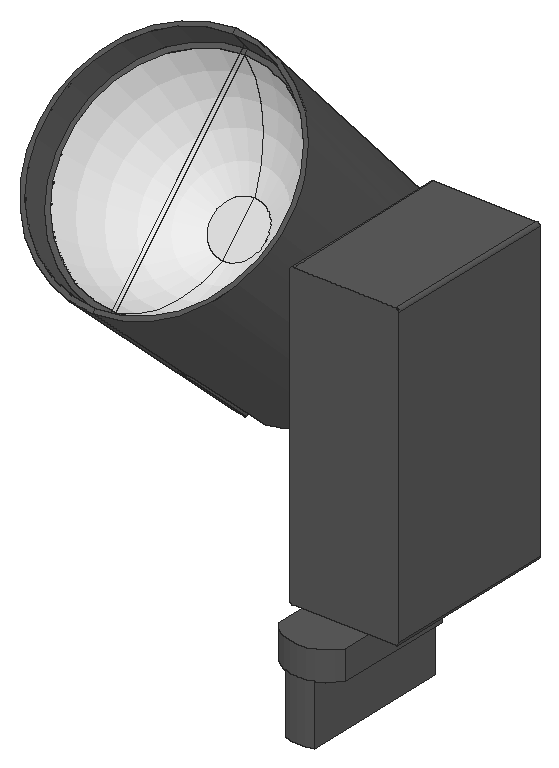
Revit family "0004945 Feilo Sylvania Lighting Fixture START TRACK SPOT L DALI 4448LM 930 MB BLK", category Lighting Fixtures, host Face, Revit 2017 (continued)
Definition of nested family "Start Track Spot Head"
  Types (96, lengths in mm): name | Wattage | built-in parameter 1150134 | Photometric Web File | Model | built-in parameter 1150105 | Lumens | built-in parameter 1150107 | built-in parameter 1150106 | HeadThickness_FEILO | HeadRibOffset_FEILO | HeadRibDepth_FEILO | HeadRibCutWidth_FEILO | HeadRibCutOffset_FEILO | HeadReflectorRadius_FEILO | HeadReflectorOffset_FEILO | HeadLEDRadius_FEILO | HeadHeight_FEILO | HeadDiffusorOffset_FEILO | HeadDiaOut_FEILO | HeadDiaIn_FEILO | HeadAxisFromTop_FEILO | Emit from Circle Diameter | built-in parameter 1150104 | Description | Apparent Load
    0004812 START TRACK SPOT S 14W 3K RA80 MB WHITE | 14 W | (empty or 0) | "0004812.ies" | "START TRACK SPOT S 14W 3K RA80 MB WHITE" | 120.32 (stored number, unit not read) | 1512 lm | 3000 (stored number, unit not read) | 1.2032 (stored number, unit not read) | 1.5 | 4.179 | 55.714 | 7.167 | 50.87 | 50.588 | 55.714 | 9.556 | 117 | 9.435 | 86 | 77.477 | 69.354 | 77.477 | 10.034 (stored number, unit not read) | "Integrated LED spotlight, Textured White - RAL9016, compact and minimalist design, ideal for retail applications, die-cast aluminium body, passive cooling heatsink. Beam angle: 36°, color temperature: 3000K , total system power: 14W, total fixture output: 1508 lm, LOR: 100%, colour rendering: Ra: 80 typical, LED Chromaticity: 3 step MacAdam ellipse, lifetime: >50000 hours at L70B50, energy class: A++, A+, A, IR/UV free light source without heat radiation, operating voltage: 220-240V / 50-60Hz, drive current: 350mA, electronic driver, non-dimmable, power factor: 0.92, electrical protection: Class II, Global Track 3 Phase adapter suitable for Global trac 3-circuit tracks, ingress protection rating: IP20, suitable for internal environment only, horizontal rotation: 355°, vertical tilt: 90°, dimensions: Ø86x140x200, weight: 0.940kg." | 14 VA
    0004811 START TRACK SPOT S 14W 3K RA80 NB WHITE | 14 W | (empty or 0) | "0004811.ies" | "START TRACK SPOT S 14W 3K RA80 NB WHITE" | 123.66 (stored number, unit not read) | 1554 lm | 3000 (stored number, unit not read) | 1.2366 (stored number, unit not read) | 1.5 | 4.179 | 55.714 | 7.167 | 50.87 | 50.588 | 55.714 | 9.556 | 117 | 9.435 | 86 | 77.477 | 69.354 | 77.477 | 10.312 (stored number, unit not read) | "Integrated LED spotlight, Textured White - RAL9016, compact and minimalist design, ideal for retail applications, die-cast aluminium body, passive cooling heatsink. Beam angle: 12°, color temperature: 3000K , total system power: 14W, total fixture output: 1551 lm, LOR: 100%, colour rendering: Ra: 80 typical, LED Chromaticity: 3 step MacAdam ellipse, lifetime: >50000 hours at L70B50, energy class: A++, A+, A, IR/UV free light source without heat radiation, operating voltage: 220-240V / 50-60Hz, drive current: 350mA, electronic driver, non-dimmable, power factor: 0.92, electrical protection: Class II, Global Track 3 Phase adapter suitable for Global trac 3-circuit tracks, ingress protection rating: IP20, suitable for internal environment only, horizontal rotation: 355°, vertical tilt: 90°, dimensions: Ø86x140x200, weight: 0.940kg." | 14 VA
  Reference planes
    plane 1 "Center (Front/Back)": y = 0
    plane 2: z = 0
    plane 3 "Center (Left/Right)": x = 0
    plane 4: x = 43
    plane 5: x = -43
    plane 6: x = -38.739
    plane 7: x = 38.739
    plane 8: z = 69.354
    plane 9: z = -47.646
    plane 10: x = -41.5
    plane 11: x = -37.239
    plane 12: z = -38.211
    plane 13: z = -35.211
    plane 14: z = 8.068
    plane 15: x = -9.556
    plane 16: x = -28.667
    plane 17: x = -19.111
    plane 18: x = -27.167
    plane 19: x = -17.611
    plane 20: x = -8.056
    plane 21: z = 13.64
    plane 22: x = -29.667
    plane 23: x = -26.167
    plane 24: x = -20.111
    plane 25: x = -16.611
    plane 26: x = -10.556
    plane 27: x = -7.056
    plane 28: x = -36.239
    plane 29: x = -40.5
    plane 30: z = 65.175
    plane 31: z = 60.997
    plane 32: z = 56.818
    plane 33: z = 18.484
    plane 34: y = -43
    plane 35: y = 43
    plane 36: y = 3.583
    plane 37: y = -3.583
    plane 38: y = -2.583
    plane 39: y = 2.583
    plane 40: y = 46
    plane 41: z = 13.5
    plane 42: z = -13.5
    plane 43: y = 39
    plane 44: x = 4.708
    plane 45: x = -2.458
    plane 46: x = -1.458
    plane 47: x = 1.458
  Forms (mm)
    Extrusion 1, solid
      sketch origin (4.2, 0, 0) x (1, 0, 0) y (0, 1, 0)
        loop
          line (-1219.2, 1219.2) -> (-1219.2, -1219.2) -> (1219.2, -1219.2) -> (1219.2, 1219.2) -> (-1219.2, 1219.2)
      from 0 to -68.017
    Revolve 2, solid, material <- "Material_1_FEILO", detail levels medium+fine
      sketch origin (0, 0, 0) x (1, 0, 0) y (0, 0, 1)
        loop
          line (-43, -47.646) -> (-41.5, -47.646) -> (-40.5, -35.211) -> (-38.739, -35.211)
          arc (-38.739, -35.211) -> (-30.16, -9.517) -> (-9.556, 8.068) r 50.588
          line (-9.556, 8.068) -> (0, 8.068) -> (0, 13.64) -> (-16.611, 13.64) -> (-17.611, 60.997) -> (-19.111, 60.997) -> (-20.111, 13.64) -> (-36.239, 13.64) -> (-37.239, 69.354) -> (-38.739, 69.354) -> (-43, -47.646)
        axis (0, 69.354) -> (0, -47.646)
      angle from 360 to 0
    Extrusion 3, void
      sketch origin (0, 0, 0) x (0, 1, 0) y (0, 0, 1)
        loop
          line (-3.583, 69.354) -> (-2.583, 18.484) -> (1.932, 18.484) -> (2.932, 69.354) -> (-3.583, 69.354)
      from 43 to -43
    Revolve 4, solid, material <- "Material_2_FEILO", detail levels medium+fine
      sketch origin (0, 0, 0) x (1, 0, 0) y (0, 0, 1)
        loop
          line (-41.5, -38.211) -> (0, -38.211) -> (0, -35.211) -> (-41.5, -35.211) -> (-41.5, -38.211)
        axis (0, -35.211) -> (0, -38.211)
      angle from 360 to 0
    Revolve 5, solid, material <- "Material_1_FEILO"
      sketch origin (0, 0, 0) x (0, 1, 0) y (0, 0, 1)
        loop
          line (46, 0) -> (39, 0) -> (39, -13.5) -> (46, -13.5) -> (46, 0)
        axis (39, 0) -> (46, 0)
      angle from 360 to 0
    Revolve 6, solid, material <- "Material_1_FEILO", detail levels medium+fine
      sketch origin (0, 0, 0) x (1, 0, 0) y (0, 0, 1)
        loop
          line (-29.667, 13.64) -> (-26.167, 13.64) -> (-27.167, 65.175) -> (-28.667, 65.175) -> (-29.667, 13.64)
        loop
          line (-10.556, 13.64) -> (-7.056, 13.64) -> (-7.833, 56.818) -> (-9.778, 56.818) -> (-10.556, 13.64)
        axis (0, 65.175) -> (0, 13.64)
      angle from 360 to 0
    Extrusion 7, void
      sketch origin (0, 0, 0) x (1, 0, 0) y (0, 0, 1)
        loop
          line (4.708, 69.354) -> (-2.458, 69.354) -> (-1.458, 13.64) -> (1.458, 13.64) -> (4.708, 69.354)
      from -43 to 43
    Revolve 8, solid, material <- "Material_1_FEILO", detail levels coarse
      sketch origin (0, 0, 0) x (1, 0, 0) y (0, 0, 1)
        loop
          line (0, 69.354) -> (-38.739, 69.354) -> (-43, -47.646) -> (-41.5, -47.646) -> (-40.731, -38.211) -> (0, -38.211) -> (0, 69.354)
        axis (0, 69.354) -> (0, -47.646)
      angle from 360 to 0
  Cuts and joins
    Extrusion 3 cuts Revolve 2
    Extrusion 7 cuts Revolve 6
  Dimensions and locks
    equal spacing: plane 7, plane 3 "Center (Left/Right)", plane 6
    equal spacing: plane 4, plane 3 "Center (Left/Right)", plane 5
    "HeadDiaOut_FEILO": plane 4 to plane 5
    "HeadDiaIn_FEILO": plane 7 to plane 6
    "HeadHeight_FEILO": plane 8 to plane 9
    "HeadThickness_FEILO": plane 10 to plane 5
    "HeadThickness_FEILO": plane 11 to plane 6
    "HeadDiffusorOffset_FEILO": plane 12 to plane 9
    "HeadDiffusorThickness_FEILO": plane 13 to plane 12
    "HeadReflectorOffset_FEILO": plane 14 to plane 9
    "HeadLEDRadius_FEILO": plane 3 "Center (Left/Right)" to plane 15
    "HeadLEDRadius_FEILO": plane 15 to plane 17
    "HeadLEDRadius_FEILO": plane 17 to plane 16
    "HeadThickness_FEILO": plane 18 to plane 16
    "HeadThickness_FEILO": plane 19 to plane 17
    "HeadThickness_FEILO": plane 20 to plane 15
    "HeadRibDepth_FEILO": plane 8 to plane 21
    "HeadDraft_FEILO": plane 16 to plane 22
    "HeadDraft_FEILO": plane 23 to plane 18
    "HeadDraft_FEILO": plane 17 to plane 24
    "HeadDraft_FEILO": plane 25 to plane 19
    "HeadDraft_FEILO": plane 15 to plane 26
    "HeadDraft_FEILO": plane 27 to plane 20
    "HeadDraft_FEILO": plane 29 to plane 10
    "HeadDraft_FEILO": plane 28 to plane 11
    "HeadRibOffset_FEILO": plane 8 to plane 30
    "HeadRibOffset_FEILO": plane 30 to plane 31
    "HeadRibOffset_FEILO": plane 31 to plane 32
    "HeadAxisFromTop_FEILO": plane 8 to plane 2
    "HeadRibCutOffset_FEILO": plane 8 to plane 33
    equal spacing: plane 34, plane 1 "Center (Front/Back)", plane 35
    "HeadDiaOut_FEILO": plane 34 to plane 35
    equal spacing: plane 38, plane 1 "Center (Front/Back)", plane 39
    equal spacing: plane 37, plane 1 "Center (Front/Back)", plane 36
    "HeadRibCutWidth_FEILO": plane 37 to plane 36
    "HeadDraft_FEILO": plane 37 to plane 38
    locked: plane 35 to plane 40 at 3
    equal spacing: plane 41, plane 2, plane 42
    locked: plane 42 to plane 41 at 27
    locked: plane 43 to plane 35 at 4
    equal spacing: plane 45, imposter light, plane 44
    "HeadDraft_FEILO": plane 46 to plane 45
    "HeadRibCutWidth_FEILO": plane 44 to plane 45
    equal spacing: plane 47, plane 3 "Center (Left/Right)", plane 46
    "HeadReflectorRadius_FEILO": radius of Revolve 2 sketch curve
    aligned and locked: plane 2 to Extrusion 1
    aligned and locked: level to Extrusion 1
    aligned and locked: Revolve 2 sketch curve to plane 3 "Center (Left/Right)"  (x2)
    aligned and locked: plane 9 to Revolve 2 sketch curve  (x2)
    aligned and locked: plane 5 to Revolve 2 sketch curve
    aligned and locked: plane 10 to Revolve 2 sketch curve
    aligned and locked: plane 14 to Revolve 2 sketch curve
    aligned and locked: plane 8 to Revolve 2 sketch curve
    aligned and locked: Revolve 2 sketch curve to plane 13
    aligned and locked: plane 12 to Revolve 4 sketch curve
    aligned and locked: plane 3 "Center (Left/Right)" to Revolve 4 sketch curve
    aligned and locked: Revolve 4 sketch curve to plane 10
    aligned and locked: Revolve 4 sketch curve to plane 3 "Center (Left/Right)"
    aligned and locked: plane 12 to imposter light
    aligned and locked: imposter light to plane 1 "Center (Front/Back)"
    aligned and locked: Revolve 5 sketch curve to plane 2
    aligned and locked: plane 43 to Revolve 5 sketch curve
    aligned and locked: plane 42 to Revolve 5 sketch curve
    aligned and locked: Revolve 6 sketch curve to plane 3 "Center (Left/Right)"
    aligned and locked: plane 22 to Revolve 6 sketch curve
    aligned and locked: plane 30 to Revolve 6 sketch curve
    aligned and locked: plane 23 to Revolve 6 sketch curve
    aligned and locked: Revolve 6 sketch curve to plane 21  (x2)
    aligned and locked: plane 21 to Revolve 6 sketch curve
    aligned and locked: plane 17 to Revolve 2 sketch curve
    aligned and locked: plane 19 to Revolve 2 sketch curve
    aligned and locked: plane 31 to Revolve 2 sketch curve
    aligned and locked: plane 21 to Revolve 2 sketch curve
    aligned and locked: Extrusion 3 to plane 8
    aligned and locked: plane 33 to Extrusion 3
    aligned and locked: plane 8 to Extrusion 3 sketch curve
    aligned and locked: Extrusion 3 sketch curve to plane 33
    aligned and locked: Extrusion 3 to plane 5
    aligned and locked: plane 4 to Extrusion 3
    aligned and locked: plane 32 to Revolve 6 sketch curve
    aligned and locked: plane 44 to Extrusion 7 sketch curve
    aligned and locked: Extrusion 7 sketch curve to plane 8
    aligned and locked: plane 46 to Extrusion 7 sketch curve
    aligned and locked: plane 21 to Extrusion 7 sketch curve
    aligned and locked: plane 34 to Extrusion 7
    aligned and locked: Extrusion 7 to plane 35
    aligned and locked: Revolve 4 sketch curve to plane 13
    aligned and locked: Revolve 5 sketch curve to plane 40
    aligned and locked: Revolve 8 sketch curve to plane 3 "Center (Left/Right)"
    aligned and locked: Revolve 8 sketch curve to cut or joined group of Revolve 2, Extrusion 3  (x3)
    aligned and locked: plane 5 to Revolve 8 sketch curve
    aligned and locked: plane 3 "Center (Left/Right)" to Revolve 8 sketch curve
    aligned and locked: plane 12 to Revolve 8 sketch curve
  Automatic sketch dimensions
    Extrusion 1 sketch curve to Extrusion 1 sketch curve = 2438.4 mm  (x2)
    Extrusion 3 sketch curve to plane 37 = 0 mm
    Extrusion 3 sketch curve to plane 38 = 0 mm
    plane 39 to Extrusion 3 sketch curve = 0.651 mm
    Extrusion 3 sketch curve to plane 39 = 0.349 mm
    Revolve 6 sketch curve to plane 16 = 0 mm
    Revolve 6 sketch curve to plane 18 = 0 mm
    Revolve 6 sketch curve to plane 26 = 0 mm
    Revolve 6 sketch curve to plane 27 = 0 mm
    Revolve 6 sketch curve to plane 15 = 0.222 mm
    plane 9 to Revolve 6 sketch curve = 559.103 mm
    Revolve 6 sketch curve to plane 8 = 2535.555 mm
    plane 20 to Revolve 6 sketch curve = 0.222 mm
    Revolve 2 sketch curve to plane 29 = 0 mm
    Revolve 2 sketch curve to plane 6 = 0 mm  (x2)
    Revolve 2 sketch curve to plane 11 = 0 mm
    Revolve 2 sketch curve to plane 21 = 0 mm
    Revolve 2 sketch curve to plane 28 = 0 mm
    Revolve 2 sketch curve to plane 24 = 0 mm
    Revolve 2 sketch curve to plane 25 = 0 mm
    Revolve 2 sketch curve to plane 15 = 0 mm
    Revolve 2 sketch curve to Revolve 2 sketch curve = 557.155 mm
    Revolve 2 sketch curve to plane 8 = 2535.558 mm
    Extrusion 7 sketch curve to plane 45 = 0 mm
    Extrusion 7 sketch curve to plane 47 = 0 mm
    plane 9 to Revolve 4 sketch curve = 559.103 mm
    Revolve 4 sketch curve to plane 8 = 2535.555 mm
    Revolve 5 sketch curve to level = 0 mm
    plane 34 to Revolve 5 sketch curve = 1968.092 mm
    Revolve 5 sketch curve to plane 40 = 1405.763 mm
    Revolve 8 sketch curve to plane 6 = 0 mm
    Revolve 8 sketch curve to plane 29 = 0.231 mm
    plane 9 to Revolve 8 sketch curve = 559.103 mm
    Revolve 8 sketch curve to Revolve 8 sketch curve = 2535.555 mm
Definition of nested family "Start Track Spot Box"
  Parameters (values of type "Type Large White")
    URL = "http://www.feilosylvania.com"
    Type Image = (empty or 0)
    Type Comments = "n/a"
    Small_FEILO = no
    Material_3_FEILO = none
    Model = ""
    Manufacturer = "Feilo Sylvania"
    Keynote = ""
    Material_2_FEILO = none
    Description = ""
    Default Elevation = 1219.2 mm
    Cost = 0
    Material_1_FEILO = none
    BoxWidth_FEILO = 49 mm
    BoxStartAngle_FEILO [instance] = 0.00°
    BoxRadius_FEILO = 1.5 mm
    BoxHeight_FEILO = if(Small_FEILO, 112 mm, 136 mm)  # 136 mm
    BoxEndAngle_FEILO [instance] = BoxStartAngle_FEILO - 180.00°  # -180.00°
    BoxDepth_FEILO = if(Small_FEILO, 71.5 mm, 79 mm)  # 79 mm
    BoxAxisVerticalOffset_FEILO = 16 mm
    BoxAxisOffset_FEILO = BoxHeight_FEILO / 6.8  # 20 mm
    Assembly Code = ""
    Material_4_FEILO = none
  Types (4, lengths in mm): name | Small_FEILO | BoxHeight_FEILO | BoxDepth_FEILO | BoxAxisOffset_FEILO
    Type Large White | no | 136 | 79 | 20
    Type Small White | yes | 112 | 71.5 | 16.471
    Type Small Black | yes | 112 | 71.5 | 16.471
    Type Large Black | no | 136 | 79 | 20
  Reference planes
    plane 1 "Center (Front/Back)": y = 0
    plane 2: z = 0
    plane 3 "Center (Left/Right)": x = 0
    plane 4: x = 24.5
    plane 5: x = -24.5
    plane 6: y = 68
    plane 7: y = -68
    plane 8: z = 39.5
    plane 9: z = -39.5
    plane 10: y = -48
    plane 11: x = 30.5
    plane 12: x = 8.5
    plane 13: x = 21.5
    plane 14: y = 70
    plane 15: y = 72
    plane 16: x = 19.5
  Forms (mm)
    Extrusion 1, solid
      sketch origin (4.2, 0, 0) x (1, 0, 0) y (0, 1, 0)
        loop
          line (-1219.2, 1219.2) -> (-1219.2, -1219.2) -> (1219.2, -1219.2) -> (1219.2, 1219.2) -> (-1219.2, 1219.2)
      from 0 to -68.017
    Extrusion 2, solid, material <- "Material_1_FEILO"
      sketch origin (0, 0, 0) x (1, 0, 0) y (0, 1, 0)
        loop
          arc (-23, 68) -> (-24.061, 67.561) -> (-24.5, 66.5) r 1.5
          line (-24.5, 66.5) -> (-24.5, -66.5)
          arc (-24.5, -66.5) -> (-24.061, -67.561) -> (-23, -68) r 1.5
          line (-23, -68) -> (23, -68)
          arc (23, -68) -> (24.061, -67.561) -> (24.5, -66.5) r 1.5
          line (24.5, -66.5) -> (24.5, 66.5)
          arc (24.5, 66.5) -> (24.061, 67.561) -> (23, 68) r 1.5
          line (23, 68) -> (-23, 68)
      from -39.5 to 39.5
    Revolve 3, solid, not visible
      sketch origin (0, 0, 0) x (1, 0, 0) y (0, 1, 0)
        loop
          line (30.5, -48) -> (24.5, -48) -> (24.5, -68) -> (30.5, -68) -> (30.5, -48)
        axis (30.5, -48) -> (24.5, -48)
      angle from 0 <- "BoxStartAngle_FEILO" to -180 <- "BoxEndAngle_FEILO"
    Revolve 4, solid, material <- "Material_2_FEILO"
      sketch origin (0, 0, 0) x (1, 0, 0) y (0, 1, 0)
        loop
          line (8.5, 68) -> (19.5, 68) -> (19.5, 70) -> (21.5, 70) -> (21.5, 72) -> (8.5, 72) -> (8.5, 68)
        axis (8.5, 72) -> (8.5, 68)
      angle from 360 to 0
  Dimensions and locks
    equal spacing: plane 5, plane 3 "Center (Left/Right)", plane 4
    "BoxWidth_FEILO": plane 5 to plane 4
    equal spacing: plane 7, plane 1 "Center (Front/Back)", plane 6
    "BoxHeight_FEILO": plane 7 to plane 6
    equal spacing: plane 8, plane 2, plane 9
    "BoxDepth_FEILO": plane 8 to plane 9
    "BoxAxisOffset_FEILO": plane 7 to plane 10
    locked: plane 4 to plane 11 at 6
    "BoxAxisVerticalOffset_FEILO": plane 12 to plane 4
    locked: plane 12 to plane 13 at 13
    plane 6 to plane 14 to plane 15 = 2 mm locked, 2 mm locked
    locked: plane 12 to plane 16 at 11
    "BoxRadius_FEILO": radius of Extrusion 2 sketch curve  (x4)
    aligned and locked: plane 2 to Extrusion 1
    aligned and locked: level to Extrusion 1
    aligned and locked: plane 6 to Extrusion 2 sketch curve
    aligned and locked: plane 5 to Extrusion 2 sketch curve
    aligned and locked: Extrusion 2 sketch curve to plane 7
    aligned and locked: Extrusion 2 sketch curve to plane 4
    aligned and locked: Extrusion 2 to plane 8
    aligned and locked: plane 9 to Extrusion 2
    aligned and locked: Revolve 3 sketch curve to plane 10  (x2)
    aligned and locked: plane 11 to Revolve 3 sketch curve
    aligned and locked: Revolve 3 sketch curve to plane 4
    aligned and locked: plane 7 to Revolve 3 sketch curve
    aligned and locked: Revolve 4 sketch curve to plane 12
    aligned and locked: plane 6 to Revolve 4 sketch curve
    aligned and locked: plane 12 to Revolve 4 sketch curve
    aligned and locked: plane 15 to Revolve 4 sketch curve
    aligned and locked: Revolve 4 sketch curve to plane 13
    aligned and locked: Revolve 4 sketch curve to plane 14
    aligned and locked: Revolve 4 sketch curve to plane 16
    aligned and locked: Revolve 4 sketch curve to plane 6
  Automatic sketch dimensions
    Extrusion 1 sketch curve to Extrusion 1 sketch curve = 2438.4 mm  (x2)
    Revolve 3 sketch curve to plane 5 = 1499.5 mm
    plane 11 to Revolve 3 sketch curve = 1493.5 mm
    plane 15 to Revolve 4 sketch curve = 0 mm
    plane 7 to Revolve 4 sketch curve = 1456 mm
    Revolve 4 sketch curve to plane 15 = 1452 mm
